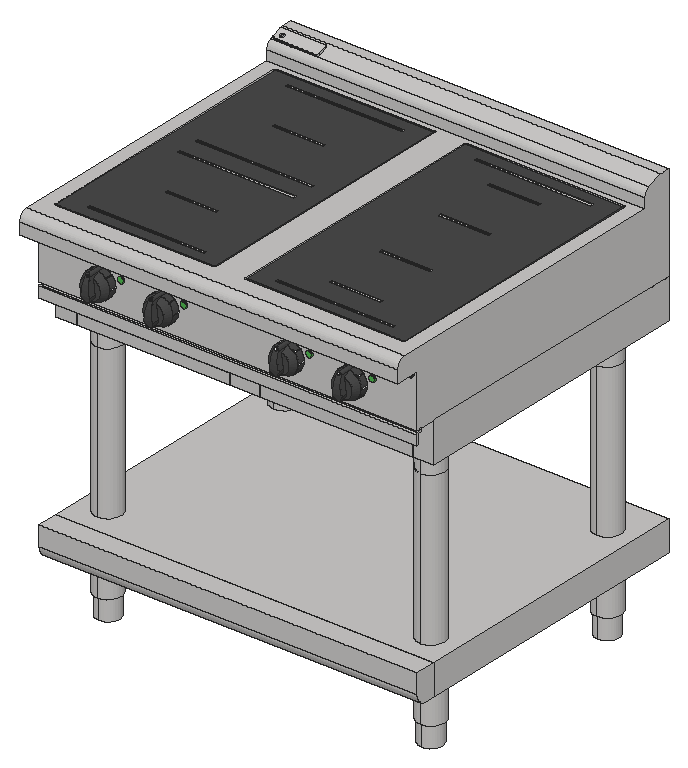
Revit family "QF_Moffat_INL8400R3F-LS_Induction Cooktop_cat", category Specialty Equipment, Revit 2019
Family settings
  Round Connector Dimension = Use Diameter
  Part Type = Normal
  Work Plane-Based = No
  Always vertical = Yes
  Cut with Voids When Loaded = No
  Shared = No
  Room Calculation Point = No
Parameters (values of type "IN511F-B")
  Weight in Kilograms = 105
  Watts = 17 W
  Volts = 400 V
  URL Cutsheet = ""
  Specification by User = ""
  Specification by Manufacturer = ""
  Show Logo [instance] = yes
  Serial Number = ""
  Seismic Rating = ""
  SMACNA No = ""
  Revision Code = ""
  Phase = 3
  Number of Poles = 1
  NAFEM Spec ID Number = ""
  Model = "INL8400R3F-LS"
  Min Ckt Ampacity = 0 A
  Max Overcurrent Protection = 0 A
  Masterspec = ""
  Manufacturer = "Moffat"
  Length = 900 mm
  Item Number = ""
  Installed By = ""
  Identify Quantity as Lot = yes
  Height = 970 mm
  HP = ""
  Furnished By = ""
  Foodservice Equipment Identifier = yes
  FL Amps = 24 A
  Electrical Remarks = ""
  Electric Connection Type = ""
  Elec Conn RI Height = 0 mm
  Elec Conn Connection Height = 0 mm
  Description = "Induction Cooktop"
  Depth = 805 mm
  Cycle = 50 Hz
  Conn Plug = ""
  Conn Conduit = yes
  CSI MasterFormat = ""
  Apparent Power = if(Phase = 3, Volts * FL Amps * 1.73, Volts * FL Amps)  # 16608 VA
Reference planes
  plane 1 "BACK": y = 0
  plane 2: z = 0
  plane 3 "LEFT": x = 0
  plane 4 "RIGHT": x = 900
  plane 5 "FRONT": y = -805
  plane 6 "TOP": z = 970
  plane 7 "Center Y": x = 450
  plane 8 "Center X": y = -402.5
  plane 9: x = 65.5
  plane 10: x = 834.5
  plane 11: y = -30
  plane 12: z = 150
  plane 13: y = -100
  plane 14: y = -625
  plane 15: y = -70
  plane 16: z = 915
  plane 17: x = 770
Forms (mm)
  Extrusion 1, solid, material "QF_Metal_Stainless_Polished"
    sketch origin (0, 0, 560) x (0, 1, 0) y (0, 0, 1)
      loop
        line (0, 180) -> (0, 410) -> (-24.305, 410) -> (-57.632, 395.853)
        arc (-57.632, 395.853) -> (-66.628, 388.372) -> (-70, 377.167) r 20.3
        line (-70, 377.167) -> (-70, 355) -> (-784.417, 355)
        arc (-784.417, 355) -> (-798.971, 348.971) -> (-805, 334.417) r 20.583
        line (-805, 334.417) -> (-805, 305) -> (-749, 305) -> (-749, 180) -> (0, 180)
    from 0 to 900
  Extrusion 2, void
    sketch origin (0, -784.171, 915) x (0, 1, 0) y (-1, 0, 0)
      loop
        arc (699.341, -37.323) -> (697.584, -33.08) -> (693.341, -31.323) r 6
        line (693.341, -31.323) -> (45.245, -31.323)
        arc (45.245, -31.323) -> (41.002, -33.08) -> (39.245, -37.323) r 6
        line (39.245, -37.323) -> (39.245, -410.105)
        arc (39.245, -410.105) -> (41.002, -414.347) -> (45.245, -416.105) r 6
        line (45.245, -416.105) -> (693.341, -416.105)
        arc (693.341, -416.105) -> (697.584, -414.347) -> (699.341, -410.105) r 6
        line (699.341, -410.105) -> (699.341, -37.323)
      loop
        line (699.341, -862.677) -> (699.341, -489.895)
        arc (699.341, -489.895) -> (697.584, -485.653) -> (693.341, -483.895) r 6
        line (693.341, -483.895) -> (45.245, -483.895)
        arc (45.245, -483.895) -> (41.002, -485.653) -> (39.245, -489.895) r 6
        line (39.245, -489.895) -> (39.245, -862.677)
        arc (39.245, -862.677) -> (41.002, -866.92) -> (45.245, -868.677) r 6
        line (45.245, -868.677) -> (693.341, -868.677)
        arc (693.341, -868.677) -> (697.584, -866.92) -> (699.341, -862.677) r 6
    from 0 to -9.5
  Extrusion 3, solid, material "QF_Plastic_Black_Smooth"
    sketch origin (0, -784.171, 915) x (0, 1, 0) y (-1, 0, 0)
      loop
        line (695.341, -410.105) -> (695.341, -37.323)
        arc (695.341, -37.323) -> (694.755, -35.908) -> (693.341, -35.323) r 2
        line (693.341, -35.323) -> (45.245, -35.323)
        arc (45.245, -35.323) -> (43.831, -35.908) -> (43.245, -37.323) r 2
        line (43.245, -37.323) -> (43.245, -410.105)
        arc (43.245, -410.105) -> (43.831, -411.519) -> (45.245, -412.105) r 2
        line (45.245, -412.105) -> (693.341, -412.105)
        arc (693.341, -412.105) -> (694.755, -411.519) -> (695.341, -410.105) r 2
      loop
        line (667.194, -86.598) -> (661.194, -86.598) -> (661.194, -363.75) -> (667.194, -363.75) -> (667.194, -86.598)
      loop
        line (526.611, -163.924) -> (526.611, -283.924) -> (532.611, -283.924) -> (532.611, -163.924) -> (526.611, -163.924)
      loop
        line (398.444, -86.598) -> (392.444, -86.598) -> (392.444, -363.75) -> (398.444, -363.75) -> (398.444, -86.598)
      loop
        line (345.944, -86.598) -> (339.944, -86.598) -> (339.944, -363.75) -> (345.944, -363.75) -> (345.944, -86.598)
      loop
        line (206.611, -163.924) -> (206.611, -283.924) -> (212.611, -283.924) -> (212.611, -163.924) -> (206.611, -163.924)
      loop
        line (77.194, -86.598) -> (71.194, -86.598) -> (71.194, -363.75) -> (77.194, -363.75) -> (77.194, -86.598)
      loop
        arc (695.341, -489.895) -> (694.755, -488.481) -> (693.341, -487.895) r 2
        line (693.341, -487.895) -> (45.245, -487.895)
        arc (45.245, -487.895) -> (43.831, -488.481) -> (43.245, -489.895) r 2
        line (43.245, -489.895) -> (43.245, -862.677)
        arc (43.245, -862.677) -> (43.831, -864.092) -> (45.245, -864.677) r 2
        line (45.245, -864.677) -> (693.341, -864.677)
        arc (693.341, -864.677) -> (694.755, -864.092) -> (695.341, -862.677) r 2
        line (695.341, -862.677) -> (695.341, -489.895)
      loop
        line (667.194, -813.402) -> (667.194, -536.25) -> (661.194, -536.25) -> (661.194, -813.402) -> (667.194, -813.402)
      loop
        line (601.611, -736.076) -> (607.611, -736.076) -> (607.611, -616.076) -> (601.611, -616.076) -> (601.611, -736.076)
      loop
        line (279.111, -736.076) -> (285.111, -736.076) -> (285.111, -616.076) -> (279.111, -616.076) -> (279.111, -736.076)
      loop
        line (77.194, -813.402) -> (77.194, -536.25) -> (71.194, -536.25) -> (71.194, -813.402) -> (77.194, -813.402)
      loop
        line (454.501, -736.076) -> (460.501, -736.076) -> (460.501, -616.076) -> (454.501, -616.076) -> (454.501, -736.076)
      loop
        line (131.211, -736.076) -> (137.211, -736.076) -> (137.211, -616.076) -> (131.211, -616.076) -> (131.211, -736.076)
    from 0 to -9.5
  Extrusion 4, solid, material "QF_Metal_Stainless_Polished"
    sketch origin (0, 0, 600) x (0, 1, 0) y (0, 0, 1)
      loop
        line (-739.467, 140) -> (-738.192, 134.838)
        arc (-738.192, 134.838) -> (-738.307, 134.302) -> (-738.799, 134.063) r 0.625
        line (-738.799, 134.063) -> (-746.111, 134.063)
        arc (-746.111, 134.063) -> (-748.011, 133.276) -> (-748.797, 131.377) r 2.686
        line (-748.797, 131.377) -> (-748.797, 107.627) -> (-747.197, 107.627) -> (-747.197, 131.242)
        arc (-747.197, 131.242) -> (-746.84, 132.105) -> (-745.976, 132.463) r 1.221
        line (-745.976, 132.463) -> (-738.755, 132.463)
        arc (-738.755, 132.463) -> (-737.028, 133.304) -> (-736.625, 135.182) r 2.194
        line (-736.625, 135.182) -> (-737.815, 140) -> (-739.467, 140)
    from 0 to 900
  Extrusion 5, solid, material "QF_Plastic_Black_Smooth"
    sketch origin (0, -749, 741.875) x (0, 0, 1) y (-1, 0, 0)
      loop
        circle (112.843, -13.157) r 5
      loop
        circle (112.843, -886.843) r 5
    from 0 to 1.6
  Extrusion 6, solid, material "QF_Metal_Stainless_Polished"
    sketch origin (450, -699, 645) x (0, 1, 0) y (1, 0, 0)
      loop
        circle (669, 320) r 6.35
    from 0 to 10
  Extrusion 7, solid, material "QF_Metal_Stainless_Polished"
    sketch origin (0, -699, 645) x (1, 0, 0) y (0, -1, 0)
      loop
        line (0, -699) -> (900, -699) -> (900, 0) -> (849.2, 0) -> (849.2, -25.4) -> (485.8, -25.4) -> (485.8, 0) -> (414.2, 0) -> (414.2, -25.4) -> (50.8, -25.4) -> (50.8, 0) -> (0, 0) -> (0, -699)
    from 0 to -95
  Extrusion 8, solid, material "QF_Metal_Stainless_Polished"
    sketch origin (50.8, -30, 645) x (0, 1, 0) y (0, 0, 1)
      loop
        line (-669, 0) -> (-643.6, 0) -> (-643.6, 26.45) -> (-669, 26.45) -> (-669, 0)
      loop
        line (-669, 32.45) -> (-643.6, 32.45) -> (-643.6, 66.4) -> (-669, 66.4) -> (-669, 32.45)
      loop
        line (-669, 67.4) -> (-643.6, 67.4) -> (-643.6, 95) -> (-669, 95) -> (-669, 67.4)
    from 0 to 363.4
  Revolve 9, solid, material "QF_Metal_Stainless_Polished"
    sketch origin (65.5, -4572, 255.2) x (0, 0, -1) y (0, -1, 0)
      loop
        line (-304.8, -4499.5) -> (-304.8, -4472) -> (-389.8, -4472) -> (-389.8, -4503.75) -> (-329.8, -4503.75) -> (-329.8, -4499.5) -> (-304.8, -4499.5)
      axis (-389.8, -4472) -> (-304.8, -4472)
    angle from 0 to 360
  Revolve 10, solid, material "QF_Metal_Stainless_Polished"
    sketch origin (65.5, -4572, 255.2) x (0, 0, -1) y (0, -1, 0)
      loop
        line (-304.8, -3974.5) -> (-304.8, -3947) -> (-389.8, -3947) -> (-389.8, -3978.75) -> (-329.8, -3978.75) -> (-329.8, -3974.5) -> (-304.8, -3974.5)
      axis (-389.8, -3947) -> (-304.8, -3947)
    angle from 0 to 360
  Revolve 11, solid, material "QF_Metal_Stainless_Polished"
    sketch origin (834.5, -4572, 255.2) x (0, 0, -1) y (0, 1, 0)
      loop
        line (-304.8, 4499.5) -> (-329.8, 4499.5) -> (-329.8, 4503.75) -> (-389.8, 4503.75) -> (-389.8, 4472) -> (-304.8, 4472) -> (-304.8, 4499.5)
      axis (-389.8, 4472) -> (-304.8, 4472)
    angle from 0 to 360
  Revolve 12, solid, material "QF_Metal_Stainless_Polished"
    sketch origin (834.5, -4572, 255.2) x (0, 0, -1) y (0, 1, 0)
      loop
        line (-304.8, 3974.5) -> (-329.8, 3974.5) -> (-329.8, 3978.75) -> (-389.8, 3978.75) -> (-389.8, 3947) -> (-304.8, 3947) -> (-304.8, 3974.5)
      axis (-389.8, 3947) -> (-304.8, 3947)
    angle from 0 to 360
  Extrusion 13, solid, material "QF_Metal_Stainless_Polished"
    sketch origin (900, 0, 560) x (-1, 0, 0) y (0, -1, 0)
      loop
        line (536.25, 122.976) -> (536.25, 116.976) -> (813.402, 116.976) -> (813.402, 122.976) -> (536.25, 122.976)
      loop
        line (736.076, 251.56) -> (736.076, 257.56) -> (616.076, 257.56) -> (616.076, 251.56) -> (736.076, 251.56)
      loop
        line (813.402, 385.726) -> (813.402, 391.726) -> (536.25, 391.726) -> (536.25, 385.726) -> (813.402, 385.726)
      loop
        line (813.402, 438.226) -> (813.402, 444.226) -> (536.25, 444.226) -> (536.25, 438.226) -> (813.402, 438.226)
      loop
        line (736.076, 571.56) -> (736.076, 577.56) -> (616.076, 577.56) -> (616.076, 571.56) -> (736.076, 571.56)
      loop
        line (536.25, 712.976) -> (536.25, 706.976) -> (813.402, 706.976) -> (813.402, 712.976) -> (536.25, 712.976)
      loop
        line (86.598, 712.976) -> (86.598, 706.976) -> (363.75, 706.976) -> (363.75, 712.976) -> (86.598, 712.976)
      loop
        line (163.924, 652.959) -> (163.924, 646.959) -> (283.924, 646.959) -> (283.924, 652.959) -> (163.924, 652.959)
      loop
        line (163.924, 505.06) -> (163.924, 499.06) -> (283.924, 499.06) -> (283.924, 505.06) -> (163.924, 505.06)
      loop
        line (163.924, 329.669) -> (163.924, 323.669) -> (283.924, 323.669) -> (283.924, 329.669) -> (163.924, 329.669)
      loop
        line (163.924, 182.56) -> (163.924, 176.56) -> (283.924, 176.56) -> (283.924, 182.56) -> (163.924, 182.56)
      loop
        line (86.598, 122.976) -> (86.598, 116.976) -> (363.75, 116.976) -> (363.75, 122.976) -> (86.598, 122.976)
    from 355 to 345.5
  Extrusion 14, solid, material "QF_Paint_Green"
    sketch origin (63.231, -748.999, 713.75) x (0, 0, 1) y (-1, 0, 0)
      loop
        circle (100.3, -282.5) r 7.15
    from 0 to 1.6
  Extrusion 15, solid, material "QF_Plastic_Black_Smooth"
    sketch origin (75, -748.999, 725.625) x (0, 0, 1) y (-1, 0, 0)
      loop
        circle (112.843, -225) r 5
    from 0 to 1.6
  Extrusion 16, solid, material "QF_Paint_Green"
    sketch origin (-86.769, -748.999, 713.75) x (0, 0, 1) y (-1, 0, 0)
      loop
        circle (100.3, -282.5) r 7.15
    from 0 to 1.6
  Extrusion 17, solid, material "QF_Plastic_Black_Smooth"
    sketch origin (-75, -748.999, 725.625) x (0, 0, 1) y (-1, 0, 0)
      loop
        circle (112.843, -225) r 5
    from 0 to 1.6
  Extrusion 18, solid, material "QF_Paint_Green"
    sketch origin (511.981, -748.999, 713.75) x (0, 0, 1) y (-1, 0, 0)
      loop
        circle (100.3, -282.5) r 7.15
    from 0 to 1.6
  Extrusion 19, solid, material "QF_Plastic_Black_Smooth"
    sketch origin (523.75, -748.999, 725.625) x (0, 0, 1) y (-1, 0, 0)
      loop
        circle (112.843, -225) r 5
    from 0 to 1.6
  Extrusion 20, solid, material "QF_Paint_Green"
    sketch origin (361.981, -748.999, 713.75) x (0, 0, 1) y (-1, 0, 0)
      loop
        circle (100.3, -282.5) r 7.15
    from 0 to 1.6
  Extrusion 21, solid, material "QF_Plastic_Black_Smooth"
    sketch origin (373.75, -748.999, 725.625) x (0, 0, 1) y (-1, 0, 0)
      loop
        circle (112.843, -225) r 5
    from 0 to 1.6
  Extrusion 22, solid, material "QF_Metal_Stainless_Polished"
    sketch origin (849.2, -30, 645) x (0, 1, 0) y (0, 0, -1)
      loop
        line (-669, 0) -> (-669, -26.45) -> (-643.6, -26.45) -> (-643.6, 0) -> (-669, 0)
      loop
        line (-669, -32.45) -> (-669, -66.4) -> (-643.6, -66.4) -> (-643.6, -32.45) -> (-669, -32.45)
      loop
        line (-669, -67.4) -> (-669, -95) -> (-643.6, -95) -> (-643.6, -67.4) -> (-669, -67.4)
    from 0 to 363.4
Cuts and joins
  Extrusion 2 cuts Extrusion 1
Lines and regions (mm)
  symbolic lines
    curve 1: line (0, 0, 0) -> (900, 0, 0)
    curve 2: line (0, -805, 0) -> (0, 0, 0)
    curve 3: line (900, -805, 0) -> (0, -805, 0)
    curve 4: line (900, 0, 0) -> (900, -805, 0)
    curve 5: line (0, -18.182, 0) -> (900, -18.182, 0)
    curve 6: line (0, -70, 0) -> (450, -70, 0)
    curve 7: line (37.323, -84.83, 0) -> (410.105, -84.83, 0)
    curve 8: arc (410.105, -84.83, 0) -> (414.347, -86.587, 0) -> (416.105, -90.83, 0) r 6
    curve 9: line (416.105, -90.83, 0) -> (416.105, -738.926, 0)
    curve 10: arc (416.105, -738.926, 0) -> (414.347, -743.168, 0) -> (410.105, -744.926, 0) r 6
    curve 11: line (410.105, -744.926, 0) -> (37.323, -744.926, 0)
    curve 12: arc (37.323, -744.926, 0) -> (33.08, -743.168, 0) -> (31.323, -738.926, 0) r 6
    curve 13: line (31.323, -738.926, 0) -> (31.323, -90.83, 0)
    curve 14: arc (31.323, -90.83, 0) -> (33.08, -86.587, 0) -> (37.323, -84.83, 0) r 6
    curve 15: line (410.105, -88.83, 0) -> (37.323, -88.83, 0)
    curve 16: arc (37.323, -88.83, 0) -> (35.908, -89.415, 0) -> (35.323, -90.83, 0) r 2
    curve 17: line (35.323, -90.83, 0) -> (35.323, -738.926, 0)
    curve 18: arc (35.323, -738.926, 0) -> (35.908, -740.34, 0) -> (37.323, -740.926, 0) r 2
    curve 19: line (37.323, -740.926, 0) -> (410.105, -740.926, 0)
    curve 20: arc (410.105, -740.926, 0) -> (411.519, -740.34, 0) -> (412.105, -738.926, 0) r 2
    curve 21: line (412.105, -738.926, 0) -> (412.105, -90.83, 0)
    curve 22: arc (412.105, -90.83, 0) -> (411.519, -89.415, 0) -> (410.105, -88.83, 0) r 2
    curve 23: line (416.105, -738.926, 0) -> (416.105, -90.83, 0)
    curve 24: line (412.105, -90.83, 0) -> (412.105, -738.926, 0)
    curve 25: line (862.677, -84.83, 0) -> (489.895, -84.83, 0)
    curve 26: arc (489.895, -84.83, 0) -> (485.653, -86.587, 0) -> (483.895, -90.83, 0) r 6
    curve 27: arc (483.895, -738.926, 0) -> (485.653, -743.168, 0) -> (489.895, -744.926, 0) r 6
    curve 28: line (489.895, -744.926, 0) -> (862.677, -744.926, 0)
    curve 29: arc (862.677, -744.926, 0) -> (866.92, -743.168, 0) -> (868.677, -738.926, 0) r 6
    curve 30: line (868.677, -738.926, 0) -> (868.677, -90.83, 0)
    curve 31: arc (868.677, -90.83, 0) -> (866.92, -86.587, 0) -> (862.677, -84.83, 0) r 6
    curve 32: line (489.895, -88.83, 0) -> (862.677, -88.83, 0)
    curve 33: arc (862.677, -88.83, 0) -> (864.092, -89.415, 0) -> (864.677, -90.83, 0) r 2
    curve 34: line (864.677, -90.83, 0) -> (864.677, -738.926, 0)
    curve 35: arc (864.677, -738.926, 0) -> (864.092, -740.34, 0) -> (862.677, -740.926, 0) r 2
    curve 36: line (862.677, -740.926, 0) -> (489.895, -740.926, 0)
    curve 37: arc (489.895, -740.926, 0) -> (488.481, -740.34, 0) -> (487.895, -738.926, 0) r 2
    curve 38: arc (487.895, -90.83, 0) -> (488.481, -89.415, 0) -> (489.895, -88.83, 0) r 2
    curve 39: line (487.895, -90.83, 0) -> (487.895, -738.926, 0)
    curve 40: arc (487.895, -738.926, 0) -> (488.481, -740.34, 0) -> (489.895, -740.926, 0) r 2
    curve 41: line (489.895, -740.926, 0) -> (862.677, -740.926, 0)
    curve 42: arc (862.677, -740.926, 0) -> (864.092, -740.34, 0) -> (864.677, -738.926, 0) r 2
    curve 43: line (864.677, -738.926, 0) -> (864.677, -90.83, 0)
    curve 44: arc (864.677, -90.83, 0) -> (864.092, -89.415, 0) -> (862.677, -88.83, 0) r 2
    curve 45: line (862.677, -88.83, 0) -> (489.895, -88.83, 0)
    curve 46: arc (489.895, -88.83, 0) -> (488.481, -89.415, 0) -> (487.895, -90.83, 0) r 2
    curve 47: line (483.895, -90.83, 0) -> (483.895, -738.926, 0)
    curve 48: arc (483.895, -738.926, 0) -> (485.653, -743.168, 0) -> (489.895, -744.926, 0) r 6
    curve 49: line (489.895, -744.926, 0) -> (862.677, -744.926, 0)
    curve 50: arc (862.677, -744.926, 0) -> (866.92, -743.168, 0) -> (868.677, -738.926, 0) r 6
    curve 51: line (868.677, -738.926, 0) -> (868.677, -90.83, 0)
    curve 52: arc (868.677, -90.83, 0) -> (866.92, -86.587, 0) -> (862.677, -84.83, 0) r 6
    curve 53: line (862.677, -84.83, 0) -> (489.895, -84.83, 0)
    curve 54: arc (489.895, -84.83, 0) -> (485.653, -86.587, 0) -> (483.895, -90.83, 0) r 6
    curve 55: line (86.598, -122.976, 0) -> (363.75, -122.976, 0)
    curve 56: line (363.75, -122.976, 0) -> (363.75, -116.976, 0)
    curve 57: line (363.75, -116.976, 0) -> (86.598, -116.976, 0)
    curve 58: line (86.598, -116.976, 0) -> (86.598, -122.976, 0)
    curve 59: line (283.924, -251.56, 0) -> (163.924, -251.56, 0)
    curve 60: line (163.924, -251.56, 0) -> (163.924, -257.56, 0)
    curve 61: line (163.924, -257.56, 0) -> (283.924, -257.56, 0)
    curve 62: line (283.924, -257.56, 0) -> (283.924, -251.56, 0)
    curve 63: line (536.25, -122.976, 0) -> (813.402, -122.976, 0)
    curve 64: line (813.402, -122.976, 0) -> (813.402, -116.976, 0)
    curve 65: line (813.402, -116.976, 0) -> (536.25, -116.976, 0)
    curve 66: line (536.25, -116.976, 0) -> (536.25, -122.976, 0)
    curve 67: line (736.076, -176.56, 0) -> (616.076, -176.56, 0)
    curve 68: line (616.076, -176.56, 0) -> (616.076, -182.56, 0)
    curve 69: line (616.076, -182.56, 0) -> (736.076, -182.56, 0)
    curve 70: line (736.076, -182.56, 0) -> (736.076, -176.56, 0)
    curve 71: line (736.076, -323.669, 0) -> (616.076, -323.669, 0)
    curve 72: line (616.076, -323.669, 0) -> (616.076, -329.669, 0)
    curve 73: line (616.076, -329.669, 0) -> (736.076, -329.669, 0)
    curve 74: line (736.076, -329.669, 0) -> (736.076, -323.669, 0)
    curve 75: line (736.076, -499.06, 0) -> (616.076, -499.06, 0)
    curve 76: line (616.076, -499.06, 0) -> (616.076, -505.06, 0)
    curve 77: line (616.076, -505.06, 0) -> (736.076, -505.06, 0)
    curve 78: line (736.076, -505.06, 0) -> (736.076, -499.06, 0)
    curve 79: line (736.076, -646.959, 0) -> (616.076, -646.959, 0)
    curve 80: line (616.076, -646.959, 0) -> (616.076, -652.959, 0)
    curve 81: line (616.076, -652.959, 0) -> (736.076, -652.959, 0)
    curve 82: line (736.076, -652.959, 0) -> (736.076, -646.959, 0)
    curve 83: line (813.402, -706.976, 0) -> (536.25, -706.976, 0)
    curve 84: line (536.25, -706.976, 0) -> (536.25, -712.976, 0)
    curve 85: line (536.25, -712.976, 0) -> (813.402, -712.976, 0)
    curve 86: line (813.402, -712.976, 0) -> (813.402, -706.976, 0)
    curve 87: line (86.598, -712.976, 0) -> (363.75, -712.976, 0)
    curve 88: line (363.75, -712.976, 0) -> (363.75, -706.976, 0)
    curve 89: line (363.75, -706.976, 0) -> (86.598, -706.976, 0)
    curve 90: line (86.598, -706.976, 0) -> (86.598, -712.976, 0)
    curve 91: line (283.924, -577.56, 0) -> (163.924, -577.56, 0)
    curve 92: line (163.924, -577.56, 0) -> (163.924, -571.56, 0)
    curve 93: line (163.924, -571.56, 0) -> (283.924, -571.56, 0)
    curve 94: line (283.924, -571.56, 0) -> (283.924, -577.56, 0)
    curve 95: line (86.598, -444.226, 0) -> (363.75, -444.226, 0)
    curve 96: line (363.75, -444.226, 0) -> (363.75, -438.226, 0)
    curve 97: line (363.75, -438.226, 0) -> (86.598, -438.226, 0)
    curve 98: line (86.598, -438.226, 0) -> (86.598, -444.226, 0)
    curve 99: line (86.598, -391.726, 0) -> (363.75, -391.726, 0)
    curve 100: line (363.75, -391.726, 0) -> (363.75, -385.726, 0)
    curve 101: line (363.75, -385.726, 0) -> (86.598, -385.726, 0)
    curve 102: line (86.598, -385.726, 0) -> (86.598, -391.726, 0)
    curve 103: line (0, 0, 560) -> (900, 0, 560)
    curve 104: line (0, -805, 560) -> (0, 0, 560)
    curve 105: line (900, -805, 560) -> (0, -805, 560)
    curve 106: line (900, 0, 560) -> (900, -805, 560)
    curve 107: line (0, -18.182, 560) -> (900, -18.182, 560)
    curve 108: line (0, -70, 560) -> (900, -70, 560)
    curve 109: line (416.105, -90.83, 560) -> (416.105, -738.926, 560)
    curve 110: line (412.105, -738.926, 560) -> (412.105, -90.83, 560)
    curve 111: line (416.105, -738.926, 560) -> (416.105, -90.83, 560)
    curve 112: line (412.105, -90.83, 560) -> (412.105, -738.926, 560)
    curve 113: line (862.677, -84.83, 560) -> (489.895, -84.83, 560)
    curve 114: arc (483.895, -738.926, 560) -> (485.653, -743.168, 560) -> (489.895, -744.926, 560) r 6
    curve 115: line (489.895, -744.926, 560) -> (862.677, -744.926, 560)
    curve 116: arc (862.677, -744.926, 560) -> (866.92, -743.168, 560) -> (868.677, -738.926, 560) r 6
    curve 117: arc (864.677, -738.926, 560) -> (864.092, -740.34, 560) -> (862.677, -740.926, 560) r 2
    curve 118: line (862.677, -740.926, 560) -> (489.895, -740.926, 560)
    curve 119: arc (489.895, -740.926, 560) -> (488.481, -740.34, 560) -> (487.895, -738.926, 560) r 2
    curve 120: arc (487.895, -738.926, 560) -> (488.481, -740.34, 560) -> (489.895, -740.926, 560) r 2
    curve 121: line (489.895, -740.926, 560) -> (862.677, -740.926, 560)
    curve 122: arc (862.677, -740.926, 560) -> (864.092, -740.34, 560) -> (864.677, -738.926, 560) r 2
    curve 123: arc (483.895, -738.926, 560) -> (485.653, -743.168, 560) -> (489.895, -744.926, 560) r 6
    curve 124: line (489.895, -744.926, 560) -> (862.677, -744.926, 560)
    curve 125: arc (862.677, -744.926, 560) -> (866.92, -743.168, 560) -> (868.677, -738.926, 560) r 6
    curve 126: line (86.598, -122.976, 560) -> (363.75, -122.976, 560)
    curve 127: line (363.75, -122.976, 560) -> (363.75, -116.976, 560)
    curve 128: line (363.75, -116.976, 560) -> (86.598, -116.976, 560)
    curve 129: line (86.598, -116.976, 560) -> (86.598, -122.976, 560)
    curve 130: line (283.924, -251.56, 560) -> (163.924, -251.56, 560)
    curve 131: line (163.924, -251.56, 560) -> (163.924, -257.56, 560)
    curve 132: line (163.924, -257.56, 560) -> (283.924, -257.56, 560)
    curve 133: line (283.924, -257.56, 560) -> (283.924, -251.56, 560)
    curve 134: line (536.25, -122.976, 560) -> (813.402, -122.976, 560)
    curve 135: line (813.402, -122.976, 560) -> (813.402, -116.976, 560)
    curve 136: line (813.402, -116.976, 560) -> (536.25, -116.976, 560)
    curve 137: line (536.25, -116.976, 560) -> (536.25, -122.976, 560)
    curve 138: line (736.076, -176.56, 560) -> (616.076, -176.56, 560)
    curve 139: line (616.076, -176.56, 560) -> (616.076, -182.56, 560)
    curve 140: line (616.076, -182.56, 560) -> (736.076, -182.56, 560)
    curve 141: line (736.076, -182.56, 560) -> (736.076, -176.56, 560)
    curve 142: line (736.076, -323.669, 560) -> (616.076, -323.669, 560)
    curve 143: line (616.076, -323.669, 560) -> (616.076, -329.669, 560)
    curve 144: line (616.076, -329.669, 560) -> (736.076, -329.669, 560)
    curve 145: line (736.076, -329.669, 560) -> (736.076, -323.669, 560)
    curve 146: line (736.076, -499.06, 560) -> (616.076, -499.06, 560)
    curve 147: line (616.076, -499.06, 560) -> (616.076, -505.06, 560)
    curve 148: line (616.076, -505.06, 560) -> (736.076, -505.06, 560)
    curve 149: line (736.076, -505.06, 560) -> (736.076, -499.06, 560)
    curve 150: line (736.076, -646.959, 560) -> (616.076, -646.959, 560)
    curve 151: line (616.076, -646.959, 560) -> (616.076, -652.959, 560)
    curve 152: line (616.076, -652.959, 560) -> (736.076, -652.959, 560)
    curve 153: line (736.076, -652.959, 560) -> (736.076, -646.959, 560)
    curve 154: line (813.402, -706.976, 560) -> (536.25, -706.976, 560)
    curve 155: line (536.25, -706.976, 560) -> (536.25, -712.976, 560)
    curve 156: line (536.25, -712.976, 560) -> (813.402, -712.976, 560)
    curve 157: line (813.402, -712.976, 560) -> (813.402, -706.976, 560)
    curve 158: line (86.598, -712.976, 560) -> (363.75, -712.976, 560)
    curve 159: line (363.75, -712.976, 560) -> (363.75, -706.976, 560)
    curve 160: line (363.75, -706.976, 560) -> (86.598, -706.976, 560)
    curve 161: line (86.598, -706.976, 560) -> (86.598, -712.976, 560)
    curve 162: line (283.924, -577.56, 560) -> (163.924, -577.56, 560)
    curve 163: line (163.924, -577.56, 560) -> (163.924, -571.56, 560)
    curve 164: line (163.924, -571.56, 560) -> (283.924, -571.56, 560)
    curve 165: line (283.924, -571.56, 560) -> (283.924, -577.56, 560)
    curve 166: line (86.598, -444.226, 560) -> (363.75, -444.226, 560)
    curve 167: line (363.75, -444.226, 560) -> (363.75, -438.226, 560)
    curve 168: line (363.75, -438.226, 560) -> (86.598, -438.226, 560)
    curve 169: line (86.598, -438.226, 560) -> (86.598, -444.226, 560)
    curve 170: line (86.598, -391.726, 560) -> (363.75, -391.726, 560)
    curve 171: line (363.75, -391.726, 560) -> (363.75, -385.726, 560)
    curve 172: line (363.75, -385.726, 560) -> (86.598, -385.726, 560)
    curve 173: line (86.598, -385.726, 560) -> (86.598, -391.726, 560)
Dimensions and locks
  equal spacing: plane 3 "LEFT", plane 7 "Center Y", plane 4 "RIGHT"
  "Length": plane 3 "LEFT" to plane 4 "RIGHT"
  equal spacing: plane 5 "FRONT", plane 8 "Center X", plane 1 "BACK"
  "Depth": plane 5 "FRONT" to plane 1 "BACK"
  "Height": plane 6 "TOP" to level
  plane 9 to plane 10 = 769 mm
  plane 4 "RIGHT" to plane 3 "LEFT" = 900 mm
  plane 6 "TOP" to plane 2 = 970 mm
  plane 1 "BACK" to plane 11 = 30 mm
  plane 1 "BACK" to plane 13 to plane 14 = 100 mm, 525 mm
  plane 1 "BACK" to plane 15 = 70 mm
  plane 16 to level = 915 mm  (x2)
  level to plane 12 = 150 mm
  plane 12 to level = 150 mm
  plane 4 "RIGHT" to plane 17 = 130 mm
  plane 1 "BACK" to plane 5 "FRONT" = 805 mm
  locked: plane 10 to plane 4 "RIGHT" at 65.5
  aligned and locked: level to plane 2
  aligned and locked: plane 7 "Center Y" to nested 1
  aligned and locked: plane 8 "Center X" to nested 1
  aligned and locked: Extrusion 22 to Extrusion 7  (x2)
Automatic sketch dimensions
  curve 8 to curve 22 = 0 mm  (x2)
  curve 10 to curve 20 = 0 mm  (x2)
  curve 12 to curve 18 = 0 mm  (x2)
  curve 14 to curve 16 = 0 mm  (x2)
  curve 26 to curve 38 = 0 mm  (x2)
  curve 26 to curve 46 = 0 mm  (x2)
  curve 26 to curve 54 = 0 mm  (x2)
  curve 27 to curve 37 = 0 mm  (x2)
  curve 27 to curve 40 = 0 mm  (x2)
  curve 27 to curve 48 = 0 mm  (x2)
  curve 29 to curve 35 = 0 mm  (x2)
  curve 29 to curve 42 = 0 mm  (x2)
  curve 29 to curve 50 = 0 mm  (x2)
  curve 31 to curve 33 = 0 mm  (x2)
  curve 31 to curve 44 = 0 mm  (x2)
  curve 31 to curve 52 = 0 mm  (x2)
  curve 33 to curve 44 = 0 mm  (x2)
  curve 33 to curve 52 = 0 mm  (x2)
  curve 35 to curve 42 = 0 mm  (x2)
  curve 35 to curve 50 = 0 mm  (x2)
  curve 37 to curve 40 = 0 mm  (x2)
  curve 37 to curve 48 = 0 mm  (x2)
  curve 38 to curve 46 = 0 mm  (x2)
  curve 38 to curve 54 = 0 mm  (x2)
  curve 40 to curve 48 = 0 mm  (x2)
  curve 42 to curve 50 = 0 mm  (x2)
  curve 44 to curve 52 = 0 mm  (x2)
  curve 46 to curve 54 = 0 mm  (x2)
  plane 1 "BACK" to curve 1 = 0 mm
  curve 1 to plane 3 "LEFT" = 0 mm
  curve 6 to plane 7 "Center Y" = 0 mm
  curve 5 to plane 4 "RIGHT" = 0 mm
  plane 5 "FRONT" to curve 3 = 0 mm
  plane 15 to curve 6 = 0 mm
  plane 3 "LEFT" to curve 13 = 31.323 mm
  curve 13 to curve 17 = 4 mm
  curve 17 to curve 16 = 2 mm
  curve 17 to curve 18 = 2 mm
  curve 102 to plane 9 = 21.098 mm
  curve 57 to plane 9 = 21.098 mm
  curve 87 to plane 9 = 21.098 mm
  curve 95 to plane 9 = 21.098 mm
  curve 91 to plane 14 = 47.44 mm
  curve 91 to plane 9 = 98.424 mm
  curve 60 to plane 9 = 98.424 mm
  curve 60 to curve 61 = 120 mm
  curve 93 to plane 14 = 53.44 mm
  curve 92 to curve 93 = 120 mm
  curve 96 to plane 8 "Center X" = 41.726 mm
  curve 96 to plane 7 "Center Y" = 86.25 mm
  plane 8 "Center X" to curve 99 = 10.774 mm
  curve 99 to curve 96 = 0 mm
  plane 13 to curve 56 = 16.976 mm
  curve 56 to plane 7 "Center Y" = 86.25 mm
  curve 89 to plane 7 "Center Y" = 86.25 mm
  curve 8 to plane 13 = 9.17 mm
  curve 8 to plane 7 "Center Y" = 39.895 mm
  curve 10 to plane 7 "Center Y" = 39.895 mm
  curve 8 to curve 21 = 2 mm
  plane 7 "Center Y" to curve 47 = 33.895 mm
  curve 27 to curve 39 = 4 mm
  curve 38 to curve 46 = 2 mm
  curve 37 to curve 36 = 2 mm
  plane 13 to curve 66 = 22.976 mm
  curve 26 to curve 66 = 46.355 mm
  curve 27 to curve 85 = 46.355 mm
  curve 63 to curve 67 = 79.826 mm
  curve 77 to plane 17 = 153.924 mm
  plane 14 to curve 80 = 21.959 mm
  curve 83 to curve 80 = 79.826 mm
  plane 8 "Center X" to curve 73 = 72.831 mm
  curve 73 to curve 68 = 0 mm
  curve 77 to plane 17 = 33.924 mm
  curve 67 to plane 17 = 33.924 mm
  curve 71 to plane 17 = 33.924 mm
  curve 79 to plane 17 = 33.924 mm
  plane 10 to curve 63 = 21.098 mm
  plane 10 to curve 85 = 21.098 mm
  curve 42 to plane 10 = 28.177 mm
  curve 32 to plane 13 = 11.17 mm
  curve 32 to plane 10 = 28.177 mm
  curve 31 to curve 34 = 2 mm
  curve 49 to plane 5 "FRONT" = 60.074 mm
  curve 11 to plane 5 "FRONT" = 60.074 mm
  curve 27 to curve 84 = 25.949 mm
  curve 10 to curve 87 = 25.949 mm
  curve 85 to curve 83 = 6 mm
  curve 87 to curve 90 = 6 mm
  curve 81 to curve 79 = 6 mm
  curve 78 to plane 8 "Center X" = 102.56 mm
  curve 77 to curve 75 = 6 mm
  curve 95 to curve 98 = 6 mm
  curve 99 to curve 100 = 6 mm
  curve 73 to curve 74 = 6 mm
  plane 8 "Center X" to curve 62 = 144.94 mm
  curve 61 to curve 62 = 6 mm
  plane 13 to curve 70 = 82.56 mm
  curve 68 to curve 68 = 6 mm
  curve 58 to curve 57 = 6 mm
  curve 63 to curve 65 = 6 mm
  curve 5 to plane 11 = 11.818 mm
  Extrusion 2 sketch curve to Extrusion 1 = 39.492 mm  (x2)
  Extrusion 2 sketch curve to Extrusion 2 sketch curve = 6 mm  (x6)
  Extrusion 1 to Extrusion 2 sketch curve = 20.83 mm  (x4)
  Extrusion 1 to Extrusion 2 sketch curve = 31.323 mm
  Extrusion 2 sketch curve to Extrusion 2 sketch curve = 372.782 mm
  Extrusion 2 sketch curve to Extrusion 2 sketch curve = 67.791 mm
  Extrusion 1 to Extrusion 2 sketch curve = 37.323 mm
  Extrusion 3 sketch curve to Extrusion 1 = 43.492 mm  (x2)
  Extrusion 3 sketch curve to Extrusion 3 sketch curve = 2 mm  (x6)
  Extrusion 3 sketch curve to Extrusion 3 sketch curve = 25.949 mm  (x2)
  Extrusion 3 sketch curve to Extrusion 3 sketch curve = 6 mm  (x12)
  Extrusion 3 sketch curve to Extrusion 3 sketch curve = 54.017 mm
  Extrusion 3 sketch curve to Extrusion 3 sketch curve = 129.416 mm
  Extrusion 3 sketch curve to Extrusion 3 sketch curve = 141.899 mm
  Extrusion 3 sketch curve to Extrusion 3 sketch curve = 127.334 mm
  Extrusion 3 sketch curve to Extrusion 3 sketch curve = 46.5 mm
  Extrusion 3 sketch curve to Extrusion 3 sketch curve = 169.391 mm
  Extrusion 3 sketch curve to Extrusion 3 sketch curve = 128.166 mm
  Extrusion 1 to Extrusion 3 sketch curve = 112.56 mm
  Extrusion 1 to Extrusion 3 sketch curve = 52.976 mm  (x2)
  Extrusion 1 to Extrusion 3 sketch curve = 20.83 mm  (x4)
  Extrusion 1 to Extrusion 3 sketch curve = 35.323 mm
  Extrusion 3 sketch curve to Extrusion 3 sketch curve = 49.275 mm  (x2)
  Extrusion 3 sketch curve to Extrusion 3 sketch curve = 77.326 mm  (x2)
  Extrusion 1 to Extrusion 3 sketch curve = 163.924 mm
  Extrusion 3 sketch curve to Extrusion 3 sketch curve = 0 mm  (x3)
  Extrusion 3 sketch curve to Extrusion 3 sketch curve = 120 mm  (x6)
  Extrusion 3 sketch curve to Extrusion 3 sketch curve = 79.826 mm  (x4)
  Extrusion 3 sketch curve to Extrusion 3 sketch curve = 46.355 mm  (x3)
  Extrusion 3 sketch curve to Extrusion 3 sketch curve = 75.791 mm
  Extrusion 3 sketch curve to Extrusion 3 sketch curve = 252.326 mm
  Extrusion 1 to Extrusion 3 sketch curve = 86.598 mm  (x3)
  Extrusion 1 to Extrusion 3 sketch curve = 37.323 mm
  Extrusion 4 sketch curve to plane 5 "FRONT" = 56.203 mm
  Extrusion 4 sketch curve to Extrusion 4 sketch curve = 1.6 mm
  Extrusion 4 sketch curve to Extrusion 4 sketch curve = 1.086 mm
  Extrusion 4 sketch curve to Extrusion 4 sketch curve = 0.135 mm  (x2)
  Extrusion 4 sketch curve to Extrusion 4 sketch curve = 6.644 mm
  Extrusion 4 sketch curve to Extrusion 4 sketch curve = 0.668 mm
  Extrusion 4 sketch curve to Extrusion 4 sketch curve = 0.044 mm
  Extrusion 4 sketch curve to Extrusion 4 sketch curve = 0.563 mm
  Extrusion 4 sketch curve to Extrusion 4 sketch curve = 1.652 mm
  Extrusion 4 sketch curve to Extrusion 4 sketch curve = 1.567 mm
  Extrusion 4 sketch curve to plane 16 = 207.373 mm
  Extrusion 4 sketch curve to Extrusion 4 sketch curve = 23.614 mm
  Extrusion 4 sketch curve to Extrusion 4 sketch curve = 0.594 mm
  Extrusion 4 sketch curve to Extrusion 4 sketch curve = 0.032 mm
  Extrusion 4 sketch curve to Extrusion 4 sketch curve = 5.162 mm
  Extrusion 1 to Extrusion 5 sketch curve = 10.282 mm  (x2)
  Extrusion 1 to Extrusion 5 sketch curve = 13.157 mm  (x2)
  Extrusion 7 to Extrusion 6 sketch curve = 30 mm
  Extrusion 6 sketch curve to Extrusion 7 = 79.2 mm
  Extrusion 7 sketch curve to plane 3 "LEFT" = 0 mm
  Extrusion 7 sketch curve to plane 4 "RIGHT" = 0 mm
  plane 1 "BACK" to Extrusion 7 sketch curve = 0 mm
  plane 9 to Extrusion 7 sketch curve = 14.7 mm
  Extrusion 7 sketch curve to plane 7 "Center Y" = 35.8 mm
  plane 7 "Center Y" to Extrusion 7 sketch curve = 35.8 mm
  Extrusion 7 sketch curve to plane 10 = 14.7 mm
  plane 14 to Extrusion 7 sketch curve = 48.6 mm  (x2)
  Extrusion 7 sketch curve to Extrusion 7 sketch curve = 25.4 mm  (x3)
  Extrusion 8 sketch curve to Extrusion 7 = 0 mm  (x8)
  Extrusion 7 to Extrusion 8 sketch curve = 26.45 mm
  Extrusion 8 sketch curve to Extrusion 8 sketch curve = 6 mm
  Extrusion 7 to Extrusion 8 sketch curve = 28.6 mm
  Extrusion 8 sketch curve to Extrusion 8 sketch curve = 1 mm
  Revolve 9 sketch curve to plane 13 = 0 mm  (x2)
  Revolve 9 sketch curve to plane 16 = 270 mm
  plane 15 to Revolve 9 sketch curve = 2.5 mm
  Revolve 9 sketch curve to Revolve 9 sketch curve = 60 mm
  Revolve 9 sketch curve to Revolve 9 sketch curve = 25 mm  (x2)
  Revolve 9 sketch curve to plane 15 = 1.75 mm
  Revolve 9 sketch curve to Revolve 9 sketch curve = 0 mm
  Revolve 10 sketch curve to plane 14 = 0 mm  (x2)
  Revolve 10 sketch curve to plane 16 = 270 mm
  Revolve 10 sketch curve to plane 14 = 27.5 mm
  Revolve 10 sketch curve to Revolve 10 sketch curve = 60 mm
  Revolve 10 sketch curve to Revolve 10 sketch curve = 25 mm  (x2)
  Revolve 10 sketch curve to Revolve 10 sketch curve = 31.75 mm
  Revolve 10 sketch curve to Revolve 10 sketch curve = 0 mm
  Revolve 11 sketch curve to plane 13 = 0 mm  (x2)
  Revolve 11 sketch curve to plane 16 = 270 mm
  plane 15 to Revolve 11 sketch curve = 2.5 mm
  Revolve 11 sketch curve to Revolve 11 sketch curve = 60 mm
  Revolve 11 sketch curve to Revolve 11 sketch curve = 25 mm  (x2)
  Revolve 11 sketch curve to plane 15 = 1.75 mm
  Revolve 11 sketch curve to Revolve 11 sketch curve = 0 mm
  Revolve 12 sketch curve to plane 14 = 0 mm  (x2)
  Revolve 12 sketch curve to plane 16 = 270 mm
  Revolve 12 sketch curve to plane 14 = 27.5 mm
  Revolve 12 sketch curve to Revolve 12 sketch curve = 60 mm
  Revolve 12 sketch curve to Revolve 12 sketch curve = 25 mm  (x2)
  Revolve 12 sketch curve to Revolve 12 sketch curve = 4.25 mm
  Revolve 12 sketch curve to Revolve 12 sketch curve = 0 mm
  Extrusion 13 sketch curve to plane 10 = 21.098 mm  (x2)
  plane 17 to Extrusion 13 sketch curve = 33.924 mm  (x4)
  Extrusion 13 sketch curve to Extrusion 13 sketch curve = 120 mm  (x4)
  Extrusion 13 sketch curve to plane 14 = 21.959 mm
  Extrusion 13 sketch curve to plane 7 "Center Y" = 86.25 mm  (x2)
  Extrusion 13 sketch curve to plane 13 = 16.976 mm
  Extrusion 13 sketch curve to plane 13 = 22.976 mm
  plane 7 "Center Y" to Extrusion 13 sketch curve = 86.25 mm  (x3)
  Extrusion 13 sketch curve to plane 8 "Center X" = 10.774 mm
  Extrusion 13 sketch curve to Extrusion 13 sketch curve = 0 mm
  Extrusion 13 sketch curve to Extrusion 13 sketch curve = 79.826 mm  (x2)
  plane 14 to Extrusion 13 sketch curve = 53.44 mm
  plane 9 to Extrusion 13 sketch curve = 98.424 mm  (x2)
  plane 9 to Extrusion 13 sketch curve = 21.098 mm  (x4)
  Extrusion 13 sketch curve to Extrusion 13 sketch curve = 6 mm  (x12)
  Extrusion 13 sketch curve to plane 14 = 81.976 mm  (x2)
  plane 8 "Center X" to Extrusion 13 sketch curve = 102.56 mm
  plane 8 "Center X" to Extrusion 13 sketch curve = 41.726 mm
  Extrusion 13 sketch curve to plane 8 "Center X" = 72.831 mm
  Extrusion 13 sketch curve to plane 8 "Center X" = 144.94 mm
  Extrusion 13 sketch curve to plane 13 = 82.56 mm
  Extrusion 14 sketch curve to plane 16 = 100.95 mm
  Extrusion 14 sketch curve to plane 7 "Center Y" = 104.269 mm
  Extrusion 15 sketch curve to plane 16 = 76.532 mm
  Extrusion 15 sketch curve to plane 7 "Center Y" = 150 mm
  Extrusion 16 sketch curve to plane 16 = 100.95 mm
  Extrusion 16 sketch curve to plane 9 = 130.231 mm
  Extrusion 17 sketch curve to plane 16 = 76.532 mm
  Extrusion 17 sketch curve to plane 9 = 84.5 mm
  plane 17 to Extrusion 18 sketch curve = 24.481 mm
  Extrusion 18 sketch curve to plane 16 = 100.95 mm
  Extrusion 19 sketch curve to plane 17 = 21.25 mm
  Extrusion 19 sketch curve to plane 16 = 76.532 mm
  Extrusion 20 sketch curve to plane 16 = 100.95 mm
  Extrusion 20 sketch curve to plane 17 = 125.519 mm
  Extrusion 21 sketch curve to plane 16 = 76.532 mm
  plane 7 "Center Y" to Extrusion 21 sketch curve = 148.75 mm
  plane 14 to Extrusion 22 sketch curve = 74 mm
  Extrusion 22 sketch curve to Extrusion 22 sketch curve = 0 mm  (x4)
  Extrusion 22 sketch curve to Extrusion 22 sketch curve = 25.4 mm
  Extrusion 22 sketch curve to plane 16 = 175 mm
  Extrusion 22 sketch curve to Extrusion 22 sketch curve = 27.6 mm
  Extrusion 22 sketch curve to Extrusion 22 sketch curve = 1 mm
  Extrusion 22 sketch curve to Extrusion 22 sketch curve = 33.95 mm
  Extrusion 22 sketch curve to Extrusion 22 sketch curve = 6 mm
  Extrusion 22 sketch curve to Extrusion 22 sketch curve = 26.45 mm
  Extrusion 1 sketch curve to plane 5 "FRONT" = 0 mm
  Extrusion 1 sketch curve to plane 16 = 0 mm
  Extrusion 1 sketch curve to plane 15 = 0 mm
  Extrusion 1 sketch curve to plane 6 "TOP" = 0 mm
  Extrusion 1 sketch curve to plane 1 "BACK" = 0 mm
  Extrusion 1 sketch curve to Extrusion 1 sketch curve = 20.583 mm
  Extrusion 1 sketch curve to Extrusion 1 sketch curve = 35.417 mm
  Extrusion 1 sketch curve to plane 15 = 12.368 mm
  plane 11 to Extrusion 1 sketch curve = 19.7 mm
  Extrusion 1 sketch curve to plane 11 = 5.695 mm
  Extrusion 1 sketch curve to Extrusion 1 sketch curve = 29.417 mm
  Extrusion 1 sketch curve to plane 16 = 175 mm
  plane 16 to Extrusion 1 sketch curve = 22.167 mm
  curve 114 to curve 119 = 0 mm
  curve 114 to curve 120 = 0 mm
  curve 116 to curve 117 = 0 mm  (x2)
  plane 1 "BACK" to curve 103 = 0 mm
  curve 103 to plane 3 "LEFT" = 0 mm
  curve 108 to plane 4 "RIGHT" = 0 mm
  plane 5 "FRONT" to curve 105 = 0 mm
  plane 15 to curve 108 = 0 mm
  curve 169 to plane 9 = 21.098 mm
  curve 173 to plane 9 = 21.098 mm
  curve 161 to plane 9 = 21.098 mm
  curve 129 to plane 9 = 21.098 mm
  curve 163 to plane 14 = 47.44 mm
  curve 163 to plane 9 = 98.424 mm
  curve 131 to plane 9 = 98.424 mm
  curve 130 to curve 130 = 120 mm
  curve 164 to plane 14 = 53.44 mm
  curve 163 to curve 164 = 120 mm
  plane 8 "Center X" to curve 171 = 10.774 mm
  curve 171 to plane 7 "Center Y" = 86.25 mm
  plane 13 to curve 127 = 22.976 mm
  curve 127 to plane 7 "Center Y" = 86.25 mm
  curve 160 to plane 7 "Center Y" = 86.25 mm
  curve 166 to curve 170 = 0 mm
  curve 112 to plane 7 "Center Y" = 37.895 mm
  curve 110 to curve 109 = 4 mm
  plane 7 "Center Y" to curve 121 = 39.895 mm
  plane 13 to curve 134 = 22.976 mm
  plane 7 "Center Y" to curve 134 = 86.25 mm
  curve 114 to curve 156 = 46.355 mm
  curve 142 to plane 17 = 153.924 mm
  curve 134 to curve 138 = 79.826 mm
  curve 146 to plane 17 = 153.924 mm
  plane 14 to curve 152 = 27.959 mm
  curve 154 to curve 152 = 79.826 mm
  curve 150 to plane 17 = 33.924 mm
  curve 149 to plane 17 = 33.924 mm
  curve 142 to plane 17 = 33.924 mm
  curve 141 to plane 17 = 33.924 mm
  plane 10 to curve 157 = 21.098 mm
  plane 10 to curve 136 = 21.098 mm
  curve 115 to plane 10 = 28.177 mm
  curve 115 to plane 5 "FRONT" = 60.074 mm
  curve 115 to curve 118 = 4 mm
  curve 118 to curve 122 = 2 mm
  curve 118 to curve 123 = 2 mm
  curve 111 to plane 5 "FRONT" = 66.074 mm
  curve 110 to curve 109 = 0 mm
  plane 14 to curve 161 = 87.976 mm
  curve 116 to curve 157 = 25.949 mm
  curve 156 to curve 154 = 6 mm
  curve 158 to curve 161 = 6 mm
  curve 152 to curve 153 = 6 mm
  curve 148 to plane 8 "Center X" = 102.56 mm
  curve 148 to curve 146 = 6 mm
  curve 169 to plane 8 "Center X" = 41.726 mm
  curve 166 to curve 169 = 6 mm
  curve 170 to curve 172 = 6 mm
  plane 8 "Center X" to curve 143 = 72.831 mm
  curve 143 to curve 143 = 6 mm
  plane 8 "Center X" to curve 131 = 144.94 mm
  curve 132 to curve 130 = 6 mm
  plane 13 to curve 139 = 82.56 mm
  curve 139 to curve 138 = 6 mm
  curve 126 to curve 128 = 6 mm
  curve 134 to curve 135 = 6 mm
  curve 110 to plane 13 = 9.17 mm
  curve 110 to curve 111 = 0 mm
  plane 15 to curve 113 = 14.83 mm
  plane 7 "Center Y" to curve 113 = 39.895 mm
  curve 113 to plane 10 = 28.177 mm
  curve 107 to plane 11 = 11.818 mm
  radius of Extrusion 5 sketch curve = 5 mm  (x2)
  radius of Extrusion 6 sketch curve = 6.35 mm
  radius of Extrusion 14 sketch curve = 7.15 mm
  radius of Extrusion 15 sketch curve = 5 mm
  radius of Extrusion 16 sketch curve = 7.15 mm
  radius of Extrusion 17 sketch curve = 5 mm
  radius of Extrusion 18 sketch curve = 7.15 mm
  radius of Extrusion 19 sketch curve = 5 mm
  radius of Extrusion 20 sketch curve = 7.15 mm
  radius of Extrusion 21 sketch curve = 5 mm
Nested families
  nested 1: "IN8400-LS_Leg Stand" at (0, 0, 0), type "IN511F-LS"
  nested 2: "Knob" at (267.5, -739.499, 760.75), type "Knob"
  nested 3: "Knob" at (117.5, -739.499, 760.75), type "Knob"
  nested 4: "Knob" at (716.25, -739.499, 760.75), type "Knob"
  nested 5: "Knob" at (566.25, -739.499, 760.75), type "Knob"
  nested 6: "QF_LOGO_Waldorf1" at (2, -55.308, 956.84), visible <- "Show Logo", type "QF_LOGO_Waldorf 2"
Connectors
  electrical at (770, -30, 635), driven by "Volts", driven by "Watts"
    settings: on Extrusion 6, index 5, voltage 400 V, apparent load 17 VA, apparent load phase1 0 VA, apparent load phase2 0 VA, apparent load phase3 0 VA, power factor 1, load classification "Other", number of poles 1, system type 30, power factor state 1, is connector primary yes, connector utility no, sub classification motor no, connector description "ELEECTRICAL CONNECTION"
Definition of nested family "IN8400-LS_Leg Stand"
  Parameters (values of type "IN511F-LS")
    Model = ""
    Manufacturer = ""
    Description = ""
  Reference planes
    plane 1 "BACK": y = 0
    plane 2: z = 0
    plane 3 "LEFT": x = 0
    plane 4 "RIGHT": x = 900
    plane 5 "FRONT": y = -805
    plane 6 "TOP": z = 1130
    plane 7 "Center Y": x = 450
    plane 8 "Center X": y = -402.5
    plane 9: x = 65.5
    plane 10: x = 834.5
    plane 11: z = 635
    plane 12: y = -100
    plane 13: y = -625
    plane 14: z = 150
    plane 15: z = 645
  Forms (mm)
    Revolve 1, solid
      sketch origin (65.5, -4572, 255.2) x (0, 0, -1) y (0, -1, 0)
        loop
          line (255.2, -3974.5) -> (255.2, -3947) -> (-389.8, -3947) -> (-389.8, -3978.75) -> (205.2, -3978.75) -> (205.2, -3974.5) -> (255.2, -3974.5)
        axis (-389.8, -3947) -> (255.2, -3947)
      angle from 0 to 360
    Revolve 2, solid
      sketch origin (834.5, -4572, 255.2) x (0, 0, -1) y (0, 1, 0)
        loop
          line (255.2, 3974.5) -> (205.2, 3974.5) -> (205.2, 3978.75) -> (-389.8, 3978.75) -> (-389.8, 3947) -> (255.2, 3947) -> (255.2, 3974.5)
        axis (-389.8, 3947) -> (255.2, 3947)
      angle from 0 to 360
    Extrusion 3, solid
      sketch origin (0, 0, 0) x (0, 1, 0) y (0, 0, 1)
        loop
          line (-747.95, 222.5) -> (-747.95, 175)
          arc (-747.95, 175) -> (-740.628, 157.322) -> (-722.95, 150) r 25
          line (-722.95, 150) -> (-697.95, 150) -> (-697.95, 222.5) -> (-747.95, 222.5)
      from 0 to 900
    Extrusion 4, solid
      sketch origin (0, 0, 0) x (0, 1, 0) y (0, 0, 1)
        loop
          line (-697.95, 222.5) -> (-697.95, 150) -> (0, 150) -> (0, 222.5) -> (-697.95, 222.5)
      from 0 to 900
    Revolve 5, solid
      sketch origin (65.5, -4047, 255.2) x (0, 0, -1) y (0, -1, 0)
        loop
          line (255.2, -3974.5) -> (255.2, -3947) -> (-389.8, -3947) -> (-389.8, -3978.75) -> (205.2, -3978.75) -> (205.2, -3974.5) -> (255.2, -3974.5)
        axis (-389.8, -3947) -> (255.2, -3947)
      angle from 0 to 360
    Revolve 6, solid
      sketch origin (834.5, -4047, 255.2) x (0, 0, -1) y (0, 1, 0)
        loop
          line (255.2, 3974.5) -> (205.2, 3974.5) -> (205.2, 3978.75) -> (-389.8, 3978.75) -> (-389.8, 3947) -> (255.2, 3947) -> (255.2, 3974.5)
        axis (-389.8, 3947) -> (255.2, 3947)
      angle from 0 to 360
  Cuts and joins
    joined: Revolve 1, Revolve 2, Extrusion 4, Revolve 5, Revolve 6
  Dimensions and locks
    equal spacing: plane 3 "LEFT", plane 7 "Center Y", plane 4 "RIGHT"
    plane 3 "LEFT" to plane 4 "RIGHT" = 900 mm
    equal spacing: plane 5 "FRONT", plane 8 "Center X", plane 1 "BACK"
    plane 5 "FRONT" to plane 1 "BACK" = 805 mm
    plane 6 "TOP" to level = 1130 mm
    plane 9 to plane 10 = 769 mm
    plane 4 "RIGHT" to plane 3 "LEFT" = 900 mm
    plane 1 "BACK" to plane 5 "FRONT" = 805 mm
    plane 6 "TOP" to plane 2 = 1130 mm
    plane 1 "BACK" to plane 12 to plane 13 = 100 mm, 525 mm
    plane 2 to plane 11 = 635 mm
    plane 14 to plane 2 = 150 mm
    plane 10 to plane 4 "RIGHT" = 65.5 mm
    equal spacing: plane 4 "RIGHT", plane 7 "Center Y", plane 3 "LEFT"
    locked: plane 10 to plane 4 "RIGHT" at 65.5
    aligned and locked: level to plane 2
    aligned and locked: cut or joined group of Revolve 1, Revolve 2, Extrusion 4, Revolve 5, Revolve 6 to plane 15  (x2)
    aligned and locked: plane 15 to cut or joined group of Revolve 1, Revolve 2, Extrusion 4, Revolve 5, Revolve 6  (x2)
    aligned and locked: Extrusion 3 to plane 4 "RIGHT"
    aligned and locked: cut or joined group of Revolve 1, Revolve 2, Extrusion 4, Revolve 5, Revolve 6 to plane 4 "RIGHT"
    aligned and locked: plane 10 to cut or joined group of Revolve 1, Revolve 2, Extrusion 4, Revolve 5, Revolve 6  (x2)
  Automatic sketch dimensions
    Revolve 1 sketch curve to plane 13 = 0 mm  (x2)
    Revolve 1 sketch curve to level = 0 mm  (x2)
    level to Revolve 1 sketch curve = 50 mm
    Revolve 1 sketch curve to plane 11 = 10 mm
    Revolve 1 sketch curve to Revolve 1 sketch curve = 27.5 mm
    Revolve 1 sketch curve to Revolve 1 sketch curve = 31.75 mm
    Revolve 1 sketch curve to Revolve 1 sketch curve = 25 mm
    Revolve 2 sketch curve to plane 13 = 0 mm  (x2)
    Revolve 2 sketch curve to level = 0 mm  (x2)
    level to Revolve 2 sketch curve = 50 mm
    Revolve 2 sketch curve to plane 11 = 10 mm
    Revolve 2 sketch curve to plane 13 = 27.5 mm
    Revolve 2 sketch curve to Revolve 2 sketch curve = 4.25 mm
    Revolve 2 sketch curve to Revolve 2 sketch curve = 25 mm
    Extrusion 3 sketch curve to plane 14 = 0 mm
    Extrusion 3 sketch curve to plane 5 "FRONT" = 57.05 mm
    Extrusion 3 sketch curve to Extrusion 3 sketch curve = 25 mm  (x2)
    Extrusion 3 sketch curve to Extrusion 3 sketch curve = 47.5 mm
    Extrusion 4 sketch curve to plane 14 = 0 mm
    Extrusion 4 sketch curve to plane 1 "BACK" = 0 mm
    plane 13 to Extrusion 4 sketch curve = 72.95 mm
    Extrusion 4 sketch curve to Extrusion 4 sketch curve = 72.5 mm
    Revolve 5 sketch curve to plane 12 = 0 mm  (x2)
    Revolve 5 sketch curve to level = 0 mm  (x2)
    level to Revolve 5 sketch curve = 50 mm
    Revolve 5 sketch curve to plane 11 = 10 mm
    Revolve 5 sketch curve to Revolve 5 sketch curve = 27.5 mm
    Revolve 5 sketch curve to Revolve 5 sketch curve = 31.75 mm
    Revolve 5 sketch curve to Revolve 5 sketch curve = 25 mm
    Revolve 6 sketch curve to plane 12 = 0 mm  (x2)
    Revolve 6 sketch curve to level = 0 mm  (x2)
    level to Revolve 6 sketch curve = 50 mm
    Revolve 6 sketch curve to plane 11 = 10 mm
    Revolve 6 sketch curve to plane 12 = 27.5 mm
    Revolve 6 sketch curve to Revolve 6 sketch curve = 4.25 mm
    Revolve 6 sketch curve to Revolve 6 sketch curve = 25 mm
Definition of nested family "Knob"
  Parameters (values of type "Knob")
    Weight in Pounds = 0
    URL Cutsheet = ""
    Specification by User = ""
    Specification by Manufacturer = ""
    Serial Number = ""
    Seismic Rating = ""
    SMACNA No = ""
    Revision Code = ""
    NAFEM Spec ID Number = ""
    Masterspec = ""
    Length = 65 mm
    Item Number = ""
    Installed By = ""
    Identify Quantity as Lot = yes
    Height = 69.5 mm
    Furnished By = ""
    Foodservice Equipment Identifier = yes
    Depth = 59 mm
    CSI MasterFormat = ""
  Reference planes
    plane 1 "BACK": y = 0
    plane 2: z = 0
    plane 3 "LEFT": x = 0
    plane 4 "RIGHT": x = 65
    plane 5 "FRONT": y = -59
    plane 6 "TOP": z = 69.5
    plane 7 "Center Y": x = 32.5
    plane 8 "Center X": y = -29.5
  Forms (mm)
    Revolve 1, solid
      sketch origin (32.5, 175.397, 1219.2) x (0, 1, 0) y (0, 0, 1)
        loop
          line (-175.397, -1186.7) -> (-219.397, -1186.7) -> (-219.397, -1211.501) -> (-202.106, -1219.2) -> (-185.397, -1219.2) -> (-185.397, -1191.7) -> (-175.397, -1191.7) -> (-175.397, -1186.7)
        axis (-219.397, -1186.7) -> (-175.397, -1186.7)
      angle from 0 to 360
    Extrusion 2, solid
      sketch origin (32.5, 175.397, 1219.2) x (0, 1, 0) y (0, 0, 1)
        loop
          line (-202.106, -1154.2) -> (-185.397, -1154.2) -> (-185.397, -1149.7) -> (-224.105, -1149.7)
          arc (-224.105, -1149.7) -> (-233.965, -1178.467) -> (-230.696, -1208.7) r 70
          line (-230.696, -1208.7) -> (-219.397, -1208.7) -> (-219.397, -1161.899) -> (-202.106, -1154.2)
      from -15 to 15
    Extrusion 3, void
      sketch origin (0, 0, 0) x (1, 0, 0) y (0, 0, 1)
        loop
          line (27.501, 64.613) -> (22.02, 20.585)
          arc (22.02, 20.585) -> (32.792, 10.488) -> (42.986, 21.169) r 10.487
          line (42.986, 21.169) -> (37.499, 64.613)
          arc (37.499, 64.613) -> (32.5, 69.5) -> (27.501, 64.613) r 5
        loop
          line (10, 72.977) -> (10, 5.625) -> (55, 5.625) -> (55, 72.977) -> (10, 72.977)
      from 6.142 to 69.687
    Extrusion 4, solid
      sketch origin (0, -34.115, -16.916) x (1, 0, 0) y (0, 0.45399, 0.891007)
        loop
          circle (32.497, 65) r 2
      from 51.525 to 53.075
    Extrusion 5, solid
      sketch origin (32.5, -10, 32.5) x (0, 0, -1) y (-1, 0, 0)
        loop
          line (-23.54, -22.408) -> (-24.106, -22.974)
          arc (-24.106, -22.974) -> (-23.547, -23.547) -> (-22.974, -24.106) r 33.3
          line (-22.974, -24.106) -> (-22.408, -23.54)
          arc (-22.408, -23.54) -> (-22.981, -22.981) -> (-23.54, -22.408) r 32.5
        loop
          arc (-0.8, -33.29) -> (0, -33.3) -> (0.8, -33.29) r 33.3
          line (0.8, -33.29) -> (0.8, -32.49)
          arc (0.8, -32.49) -> (0, -32.5) -> (-0.8, -32.49) r 32.5
          line (-0.8, -32.49) -> (-0.8, -33.29)
        loop
          arc (23.54, -22.408) -> (22.981, -22.981) -> (22.408, -23.54) r 32.5
          line (22.408, -23.54) -> (22.974, -24.106)
          arc (22.974, -24.106) -> (23.547, -23.547) -> (24.106, -22.974) r 33.3
          line (24.106, -22.974) -> (23.54, -22.408)
        loop
          arc (-23.54, 22.408) -> (-22.981, 22.981) -> (-22.408, 23.54) r 32.5
          line (-22.408, 23.54) -> (-22.974, 24.106)
          arc (-22.974, 24.106) -> (-23.547, 23.547) -> (-24.106, 22.974) r 33.3
          line (-24.106, 22.974) -> (-23.54, 22.408)
        loop
          line (-0.8, 33.29) -> (-0.8, 32.49)
          arc (-0.8, 32.49) -> (0, 32.5) -> (0.8, 32.49) r 32.5
          line (0.8, 32.49) -> (0.8, 33.29)
          arc (0.8, 33.29) -> (0, 33.3) -> (-0.8, 33.29) r 33.3
        loop
          line (32.49, -0.8) -> (33.29, -0.8)
          arc (33.29, -0.8) -> (33.3, 0) -> (33.29, 0.8) r 33.3
          line (33.29, 0.8) -> (32.49, 0.8)
          arc (32.49, 0.8) -> (32.5, 0) -> (32.49, -0.8) r 32.5
        loop
          arc (24.106, 22.974) -> (23.547, 23.547) -> (22.974, 24.106) r 33.3
          line (22.974, 24.106) -> (22.408, 23.54)
          arc (22.408, 23.54) -> (22.981, 22.981) -> (23.54, 22.408) r 32.5
          line (23.54, 22.408) -> (24.106, 22.974)
      from 0 to -16.709
  Cuts and joins
    Extrusion 3 cuts Extrusion 2
  Dimensions and locks
    equal spacing: plane 3 "LEFT", plane 7 "Center Y", plane 4 "RIGHT"
    "Length": plane 3 "LEFT" to plane 4 "RIGHT"
    equal spacing: plane 5 "FRONT", plane 8 "Center X", plane 1 "BACK"
    "Depth": plane 5 "FRONT" to plane 1 "BACK"
    "Height": plane 6 "TOP" to level
    plane 4 "RIGHT" to plane 3 "LEFT" = 65 mm
    aligned and locked: level to plane 2
  Automatic sketch dimensions
    Revolve 1 sketch curve to level = 0 mm
    Revolve 1 sketch curve to plane 1 "BACK" = 0 mm  (x2)
    plane 1 "BACK" to Revolve 1 sketch curve = 10 mm
    plane 8 "Center X" to Revolve 1 sketch curve = 2.791 mm
    Revolve 1 sketch curve to plane 8 "Center X" = 14.5 mm
    level to Revolve 1 sketch curve = 7.699 mm
    level to Revolve 1 sketch curve = 27.5 mm
    Revolve 1 sketch curve to Revolve 1 sketch curve = 5 mm
    Revolve 1 sketch curve to Revolve 1 sketch curve = 35 mm
    Revolve 1 sketch curve to Revolve 1 sketch curve = 0 mm
